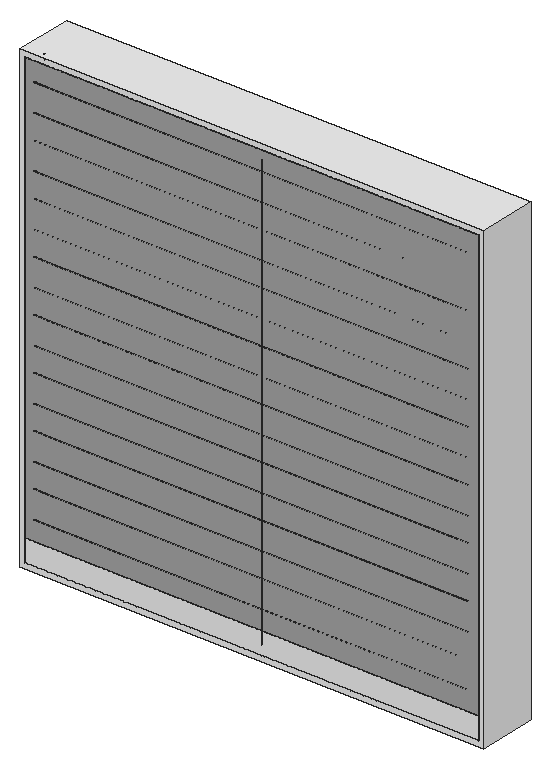
Revit family
Parameters (values of type "Louver_Drnable_ERD-645_All-Lite")
  URL = "http://www.alllite-louvers.com"
  Specifications = "http://www.alllite-louvers.com/catalog/AERD-645-csi-specification.doc"
  Spacing = 0.5 ft
  SmartBIM Object Version = 3  # constant formula
  SmartBIM Object Created By = "Reed Construction Data"  # constant formula
  Shim Thickness = 0.042 ft
  Screen Width = Width - (2 * Shim Thickness)  # 3.916 ft
  Screen Height = Height - (2 * Shim Thickness) - 0.198333 ft  # 3.717667 ft
  Screen = Aluminum
  Rough Width = 0.0 ft
  Rough Height = 0.0 ft
  Product URL = "http://www.alllite-louvers.com/catalog.php?model=ERD-645"
  Pressure Loss (in.wg.) = "0.11"  # constant formula
  OmniClass Title = "Exterior Louvers and Grilles"  # constant formula
  OmniClass Code = "23-60 11 17"  # constant formula
  Mullion Height = Height - (2 * Shim Thickness) - 0.145833 ft  # 3.770167 ft
  Model Number = "ERD-645"  # constant formula
  Model = ""
  Minimum Size = "4.5\" x 9\""
  Maximum Size - Single Section = "60\" x 120\" or 120\" x 60\""
  Maximum Size - Multiple Section = "Unlimited"
  Manufacturer = "All-Lite"  # constant formula
  Louver Width = Width - (2 * Shim Thickness) - 2 * 0.072917 ft  # 3.770167 ft
  Louver = Mill finish, 6063-T5 Extruded Aluminum
  Installation = "http://www.alllite-louvers.com/catalog/Installation.pdf"
  Height = 4.0 ft
  Free Area for 48”x48” Louver = "50.6%"
  Free Area Velocity (fpm) = "990"  # constant formula
  Free Area (ft²) for 48"x48" Louver = 8.1 ft
  Frame = Mill finish, 6063-T5 Extruded Aluminum
  Default Sill Height = 3.0 ft
  Wall Closure = (empty or 0)
  Width = 4.0 ft
  Cut Sheet = "http://www.alllite-louvers.com/catalog/AERD645.pdf "
  Assembly Code = "B2010300"
  Air Volume Delivered (cfm) = "8,059"  # constant formula
  95 CSI = "10200 "  # constant formula
  04 CSI = "08 91 00"  # constant formula
  # of Louvers = (Height - 0.25 ft) / (Spacing)  # 8
Reference planes (ft)
  plane 1 "Center (Front/Back)": y = 0
  plane 2: z = 0.291667
  plane 3 "Center (Left/Right)": x = 0
  plane 4 "Left": x = -2
  plane 5 "Right": x = 2
  plane 6 "Sill": z = 3.291667
  plane 7 "Top": z = 7.291667
  plane 8: x = -1.958
  plane 9: x = 1.958
  plane 10: z = 7.249667
  plane 11: z = 3.333667
  plane 12: z = 5.291667
  plane 13: z = 3.417
  plane 14: z = 3.458667
  plane 15: z = 7.166333
  plane 16: z = 7.124667
  plane 17: z = 7.062167
Forms (ft)
  Sweep 1, solid, material "Mill finish, 6063-T5 Extruded Aluminum" <- "Frame"
    path origin (-5, 0.333333, 0) x (-1, 0, 0) y (0, 0, 1)
      loop
        line (-6.890292, 7.249667) -> (-3.109708, 7.249667)
    profile "Head Horizontal Mullion : Head Horizontal Mullion" origin (0, 0.333333, 7.249667) x (0, 0, 1) y (0, 1, 0)
      loop
        line (-0.083333, -0.00675) -> (-0.142259, -0.065676) -> (-0.137486, -0.070449) -> (-0.080537, -0.0135) -> (-0.00675, -0.0135) -> (-0.00675, -0.071625)
        arc (-0.00675, -0.071625) -> (-0.007739, -0.074011) -> (-0.010125, -0.075) r 0.003375
        line (-0.010125, -0.075) -> (-0.027583, -0.075) -> (-0.027583, -0.08175) -> (-0.307684, -0.08175) -> (-0.307684, -0.0135) -> (-0.231101, -0.0135) -> (-0.231101, -0.00675) -> (-0.314434, -0.00675) -> (-0.314434, -0.0885) -> (-0.206564, -0.0885)
        arc (-0.206564, -0.0885) -> (-0.204178, -0.089489) -> (-0.203189, -0.091875) r 0.003375
        line (-0.203189, -0.091875) -> (-0.203189, -0.104254)
        arc (-0.203189, -0.104254) -> (-0.203748, -0.106115) -> (-0.20524, -0.107359) r 0.003375
        arc (-0.20524, -0.107359) -> (-0.213421, -0.117587) -> (-0.209404, -0.130053) r 0.013833
        arc (-0.209404, -0.130053) -> (-0.205743, -0.130726) -> (-0.203689, -0.127621) r 0.003375
        arc (-0.203689, -0.127621) -> (-0.203959, -0.126299) -> (-0.204725, -0.125188) r 0.003375
        arc (-0.204725, -0.125188) -> (-0.199814, -0.113) -> (-0.194904, -0.125188) r 0.007083
        arc (-0.194904, -0.125188) -> (-0.19567, -0.126299) -> (-0.195939, -0.127621) r 0.003375
        arc (-0.195939, -0.127621) -> (-0.193886, -0.130726) -> (-0.190225, -0.130053) r 0.003375
        arc (-0.190225, -0.130053) -> (-0.186208, -0.117587) -> (-0.194388, -0.107359) r 0.013833
        arc (-0.194388, -0.107359) -> (-0.19588, -0.106115) -> (-0.196439, -0.104254) r 0.003375
        line (-0.196439, -0.104254) -> (-0.196439, -0.091875)
        arc (-0.196439, -0.091875) -> (-0.195451, -0.089489) -> (-0.193064, -0.0885) r 0.003375
        line (-0.193064, -0.0885) -> (-0.06925, -0.0885) -> (-0.06925, -0.09525) -> (-0.046442, -0.09525)
        arc (-0.046442, -0.09525) -> (-0.044055, -0.096239) -> (-0.043067, -0.098625) r 0.003375
        line (-0.043067, -0.098625) -> (-0.043067, -0.104254)
        arc (-0.043067, -0.104254) -> (-0.043626, -0.106115) -> (-0.045118, -0.107359) r 0.003375
        arc (-0.045118, -0.107359) -> (-0.053298, -0.117587) -> (-0.049281, -0.130053) r 0.013833
        arc (-0.049281, -0.130053) -> (-0.04562, -0.130726) -> (-0.043567, -0.127621) r 0.003375
        arc (-0.043567, -0.127621) -> (-0.043836, -0.126299) -> (-0.044602, -0.125188) r 0.003375
        arc (-0.044602, -0.125188) -> (-0.039692, -0.113) -> (-0.034781, -0.125188) r 0.007083
        arc (-0.034781, -0.125188) -> (-0.035547, -0.126299) -> (-0.035817, -0.127621) r 0.003375
        arc (-0.035817, -0.127621) -> (-0.033763, -0.130726) -> (-0.030102, -0.130053) r 0.003375
        arc (-0.030102, -0.130053) -> (-0.026085, -0.117587) -> (-0.034266, -0.107359) r 0.013833
        arc (-0.034266, -0.107359) -> (-0.035758, -0.106115) -> (-0.036317, -0.104254) r 0.003375
        line (-0.036317, -0.104254) -> (-0.036317, -0.098625)
        arc (-0.036317, -0.098625) -> (-0.035328, -0.096239) -> (-0.032942, -0.09525) r 0.003375
        line (-0.032942, -0.09525) -> (-0.00675, -0.09525) -> (-0.00675, -0.384167)
        arc (-0.00675, -0.384167) -> (-0.007739, -0.386553) -> (-0.010125, -0.387542) r 0.003375
        line (-0.010125, -0.387542) -> (-0.023858, -0.387542)
        arc (-0.023858, -0.387542) -> (-0.025719, -0.386983) -> (-0.026963, -0.385491) r 0.003375
        arc (-0.026963, -0.385491) -> (-0.037191, -0.37731) -> (-0.049657, -0.381327) r 0.013833
        arc (-0.049657, -0.381327) -> (-0.05033, -0.384988) -> (-0.047225, -0.387042) r 0.003375
        arc (-0.047225, -0.387042) -> (-0.045903, -0.386772) -> (-0.044793, -0.386006) r 0.003375
        arc (-0.044793, -0.386006) -> (-0.032604, -0.390917) -> (-0.044793, -0.395827) r 0.007083
        arc (-0.044793, -0.395827) -> (-0.045903, -0.395061) -> (-0.047225, -0.394792) r 0.003375
        arc (-0.047225, -0.394792) -> (-0.05033, -0.396845) -> (-0.049657, -0.400506) r 0.003375
        arc (-0.049657, -0.400506) -> (-0.037191, -0.404523) -> (-0.026963, -0.396343) r 0.013833
        arc (-0.026963, -0.396343) -> (-0.025719, -0.394851) -> (-0.023858, -0.394292) r 0.003375
        line (-0.023858, -0.394292) -> (-0.010125, -0.394292)
        arc (-0.010125, -0.394292) -> (-0.007739, -0.39528) -> (-0.00675, -0.397667) r 0.003375
        line (-0.00675, -0.397667) -> (-0.00675, -0.49325) -> (-0.0625, -0.49325) -> (-0.0625, -0.5) -> (0, -0.5) -> (0, -0.00675) -> (-0.083333, -0.00675)
  Sweep 2, solid, material "Mill finish, 6063-T5 Extruded Aluminum" <- "Frame"
    path origin (-5, 0.333333, 0) x (-1, 0, 0) y (0, 0, 1)
      loop
        line (-6.958, 3.333667) -> (-3.042, 3.333667)
    profile "Horizontal Mullion : Horizontal Mullion" origin (0, 0.333333, 3.333667) x (0, 0, 1) y (0, 1, 0)
      loop
        line (0.076583, -0.00675) -> (0.076583, -0.5) -> (0.00675, -0.5) -> (0.00675, -0.465083) -> (0, -0.465083) -> (0, -0.50675) -> (0.197917, -0.50675) -> (0.197917, -0.5) -> (0.083333, -0.5) -> (0.083333, 0) -> (0, 0) -> (0, -0.041667) -> (0.00675, -0.041667) -> (0.00675, -0.00675) -> (0.076583, -0.00675)
  Sweep 3, solid, material "Mill finish, 6063-T5 Extruded Aluminum" <- "Frame"
    path origin (-5, 0.333333, 0) x (-1, 0, 0) y (0, 0, 1)
      loop
        line (-6.958, 3.417) -> (-6.958, 7.249667)
    profile "Vertical Mullion : Vertical Mullion" origin (1.958, 0.333333, 5.333333) x (1, 0, 0) y (0, 1, 0)
      loop
        line (-0.067708, -0.08175) -> (-0.067708, -0.5) -> (0, -0.5) -> (0, -0.472417) -> (-0.00675, -0.472417) -> (-0.00675, -0.49325) -> (-0.060958, -0.49325) -> (-0.060958, -0.0885) -> (0, -0.0885) -> (0, 0) -> (-0.083333, 0) -> (-0.083333, -0.00675) -> (-0.067708, -0.00675) -> (-0.067708, -0.022375) -> (-0.060958, -0.022375) -> (-0.060958, -0.00675) -> (-0.00675, -0.00675) -> (-0.00675, -0.08175) -> (-0.067708, -0.08175)
  Sweep 4, solid, material "Mill finish, 6063-T5 Extruded Aluminum" <- "Frame"
    path origin (5, 0.333333, 0) x (1, 0, 0) y (0, 0, -1)
      loop
        line (-6.958, -3.417) -> (-6.958, -7.249667)
    profile "Vertical Mullion : Vertical Mullion" origin (-1.958, 0.333333, 5.333333) x (1, 0, 0) y (0, 1, 0)
      loop
        line (0.067708, -0.08175) -> (0.00675, -0.08175) -> (0.00675, -0.00675) -> (0.060958, -0.00675) -> (0.060958, -0.022375) -> (0.067708, -0.022375) -> (0.067708, -0.00675) -> (0.083333, -0.00675) -> (0.083333, 0) -> (0, 0) -> (0, -0.0885) -> (0.060958, -0.0885) -> (0.060958, -0.49325) -> (0.00675, -0.49325) -> (0.00675, -0.472417) -> (0, -0.472417) -> (0, -0.5) -> (0.067708, -0.5) -> (0.067708, -0.08175)
  Sweep 5, solid, material "Mill finish, 6063-T5 Extruded Aluminum" <- "Frame"
    path origin (-5, 0.333333, 0) x (-1, 0, 0) y (0, 0, 1)
      loop
        line (-3, 7.291667) -> (-7, 7.291667) -> (-7, 3.291667) -> (-3, 3.291667) -> (-3, 7.291667)
    profile origin (-2, 0.333333, 5.291667) x (0, 1, 0) y (-1, 0, 0)
      loop
        line (0, 0) -> (-0.50675, 0) -> (-0.50675, -0.042) -> (0, -0.042) -> (0, 0)
  Extrusion 6, solid, material "Aluminum" <- "Screen"
    sketch origin (1.458333, 0, 3.416667) x (0, 0, 1) y (-1, 0, 0)
      loop
        line (0.114917, -0.499667) -> (3.833, -0.499667) -> (3.833, 3.416333) -> (0.114917, 3.416333) -> (0.114917, -0.499667)
    from 0.166667 to 0.173417
Cuts and joins
  joined: Sweep 3, Sweep 4
Lines and regions (ft)
  Opening 1
    outline origin (-5, -0.333333, 0) x (1, 0, 0) y (0, 0, 1)
      loop
        line (3, 7.291667) -> (3, 3.291667) -> (7, 3.291667) -> (7, 7.291667) -> (3, 7.291667)
  Masking region 1, detail levels coarse+medium
    outline origin (0, 0, 0) x (1, 0, 0) y (0, 1, 0)
      loop
        line (-2, -0.173417) -> (-1.890292, -0.173417) -> (-1.890292, 0.333333) -> (-2, 0.333333) -> (-2, -0.173417)
      loop
        line (2, -0.173417) -> (2, 0.333333) -> (1.890292, 0.333333) -> (1.890292, -0.173417) -> (2, -0.173417)
  Masking region 2, detail levels fine
    outline origin (0, 0, 0) x (1, 0, 0) y (0, 1, 0)
      loop
        line (1.95125, -0.159917) -> (1.897042, -0.159917) -> (1.897042, 0.244833) -> (1.958, 0.244833) -> (1.958, 0.333333) -> (1.874667, 0.333333) -> (1.874667, 0.326583) -> (1.890292, 0.326583) -> (1.890292, 0.310958) -> (1.897042, 0.310958) -> (1.897042, 0.326583) -> (1.95125, 0.326583) -> (1.95125, 0.251583) -> (1.890292, 0.251583) -> (1.890292, -0.166667) -> (1.958, -0.166667) -> (1.958, -0.139083) -> (1.95125, -0.139083) -> (1.95125, -0.159917)
      loop
        line (-1.897042, -0.159917) -> (-1.95125, -0.159917) -> (-1.95125, -0.139083) -> (-1.958, -0.139083) -> (-1.958, -0.166667) -> (-1.890292, -0.166667) -> (-1.890292, 0.251583) -> (-1.95125, 0.251583) -> (-1.95125, 0.326583) -> (-1.897042, 0.326583) -> (-1.897042, 0.310958) -> (-1.890292, 0.310958) -> (-1.890292, 0.326583) -> (-1.874667, 0.326583) -> (-1.874667, 0.333333) -> (-1.958, 0.333333) -> (-1.958, 0.244833) -> (-1.897042, 0.244833) -> (-1.897042, -0.159917)
Text (ft)
  text "EXTERIOR" at (-4.890733, 4.242245, 0), in view "Ref. Level"
  text "INTERIOR" at (-4.890733, -3.147199, 0), in view "Ref. Level"
  text "Exterior" at (0, 3.638026, 10.266337), in view "Left"
  text "Exterior" at (0, 1.524487, 10.420622), in view "Right"
Dimensions and locks (ft)
  equal spacing: plane 4 "Left", plane 3 "Center (Left/Right)", plane 5 "Right"
  "Width": plane 4 "Left" to plane 5 "Right"
  "Height": plane 6 "Sill" to plane 7 "Top"
  "Default Sill Height": plane 2 to plane 6 "Sill"
  "Shim Thickness": plane 4 "Left" to plane 8
  "Shim Thickness": plane 9 to plane 5 "Right"
  "Shim Thickness": plane 10 to plane 7 "Top"
  "Shim Thickness": plane 6 "Sill" to plane 11
  equal spacing: plane 11, plane 12, plane 10
  locked: plane 13 to plane 11 at 0.083333
  locked: plane 14 to plane 13 at 0.041667
  locked: plane 10 to plane 15 at 0.083333
  locked: plane 15 to plane 16 at 0.041667
  locked: plane 10 to plane 17 at 0.1875
  equal spacing: group 1, group 3, group 4, group 5, group 6, group 7, group 8, group 2  (x3)
  aligned and locked: plane 7 "Top" to Opening 1 sketch curve
  aligned and locked: plane 6 "Sill" to Opening 1 sketch curve  (x2)
  aligned and locked: plane 5 "Right" to Opening 1 sketch curve
  aligned and locked: plane 4 "Left" to Opening 1 sketch curve
  aligned and locked: plane 10 to Sweep 1 sketch curve
  aligned and locked: Sweep 2 sketch curve to plane 11
  aligned and locked: plane 8 to Sweep 2 sketch curve
  aligned and locked: plane 9 to Sweep 3 sketch curve
  aligned and locked: Sweep 4 sketch curve to plane 8
  aligned and locked: Sweep 5 sketch curve to plane 4 "Left"
  aligned and locked: Sweep 5 sketch curve to plane 7 "Top"
  aligned and locked: Sweep 5 sketch curve to plane 6 "Sill"
  aligned and locked: Sweep 5 sketch curve to plane 5 "Right"
  aligned and locked: Sweep 5 sketch curve to host wall  (x2)
  aligned and locked: plane 8 to Sweep 5 sketch curve
  aligned and locked: plane 3 "Center (Left/Right)" to nested 1
  aligned and locked: plane 10 to Sweep 4 sketch curve
  aligned and locked: profile plane to host wall
  aligned and locked: Sweep 4 sketch curve to Sweep 2
  aligned and locked: Sweep 5 sketch curve to Sweep 2
  aligned and locked: plane 3 "Center (Left/Right)" to nested 2
  aligned and locked: Sweep 2 to Extrusion 6 sketch curve
  aligned and locked: Extrusion 6 sketch curve to Sweep 1
  aligned and locked: Extrusion 6 to Sweep 2
  aligned and locked: Sweep 5 to Extrusion 6
  aligned and locked: plane 14 to nested 1
  aligned and locked: cut or joined group of Sweep 3, Sweep 4 to Sweep 1 sketch curve
  aligned and locked: Sweep 1 sketch curve to cut or joined group of Sweep 3, Sweep 4
  aligned and locked: cut or joined group of Sweep 3, Sweep 4 to Extrusion 6 sketch curve
  aligned and locked: Extrusion 6 sketch curve to cut or joined group of Sweep 3, Sweep 4
  aligned and locked: nested 1 to cut or joined group of Sweep 3, Sweep 4
  aligned and locked: nested 2 to cut or joined group of Sweep 3, Sweep 4
  aligned and locked: nested 2 to plane 16
  aligned and locked: plane 3 "Center (Left/Right)" to nested 9
  aligned and locked: plane 13 to nested 9
  aligned and locked: nested 9 to nested 3
  aligned and locked: Masking region 1 sketch curve to plane 4 "Left"
  aligned and locked: Masking region 1 sketch curve to Extrusion 6
  aligned and locked: Masking region 1 sketch curve to cut or joined group of Sweep 3, Sweep 4  (x2)
  aligned and locked: Sweep 2 to Masking region 1 sketch curve
  aligned and locked: Masking region 1 sketch curve to plane 5 "Right"
  aligned and locked: Extrusion 6 to Masking region 1 sketch curve
  aligned and locked: Masking region 1 sketch curve to Sweep 2
  aligned and locked: Masking region 2 sketch curve to cut or joined group of Sweep 3, Sweep 4  (x28)
  aligned and locked: Masking region 2 sketch curve to Extrusion 6
  aligned and locked: Sweep 5 to Masking region 2 sketch curve
  aligned and locked: Masking region 2 sketch curve to Sweep 2
  aligned and locked: plane 9 to Masking region 2 sketch curve
  aligned and locked: Masking region 2 sketch curve to plane 8  (x2)
Automatic sketch dimensions
  Sweep 2 sketch curve to plane 9 = 0.0 ft
  Sweep 3 sketch curve to plane 13 = 0.0 ft
  Sweep 3 sketch curve to plane 10 = 0.0 ft
  Masking region 2 sketch curve to Masking region 2 sketch curve = 0.00675 ft
  Masking region 2 sketch curve to host wall = 0.0 ft
Nested families (ft)
  nested 1: "Louver Single" at (0, 0.166271, 3.458667), type "Louver"
    with Louver Length 3.770167 ft
  nested 2: "Louver Single" at (0, 0.166271, 6.604225), type "Louver"
    with Louver Length 3.770167 ft
  nested 3: "Louver Single" at (0, 0.166271, 3.908032), type "Louver"
    with Louver Length 3.770167 ft
  nested 4: "Louver Single" at (0, 0.166271, 4.357397), type "Louver"
    with Louver Length 3.770167 ft
  nested 5: "Louver Single" at (0, 0.166271, 4.806763), type "Louver"
    with Louver Length 3.770167 ft
  nested 6: "Louver Single" at (0, 0.166271, 5.256128), type "Louver"
    with Louver Length 3.770167 ft
  nested 7: "Louver Single" at (0, 0.166271, 5.705494), type "Louver"
    with Louver Length 3.770167 ft
  nested 8: "Louver Single" at (0, 0.166271, 6.154859), type "Louver"
    with Louver Length 3.770167 ft
  nested 9: "Vertical-Mullion" at (0, -0.079979, 3.417), type "Louver"
    with Height 3.770167 ft
Connectors (ft)
  hvac at (0, -0.173417, 5.390625), driven by "Screen Height", driven by "Screen Width"
    settings: on Extrusion 6, index 1
Definition of nested family "Louver Single"
  Parameters (values of type "Louver")
    Louver Length = 2.0 ft
    Depth = 0.156576 ft
    Louver Single = yes
    Louver = All-Lite - El Cajon Silver
    Assembly Code = ""
  Reference planes (ft)
    plane 1 "Center (Front/Back)": y = -0.085938
    plane 2: z = 0
    plane 3 "Center (Left/Right)": x = 0
    plane 4: x = -1
    plane 5: x = 1
    plane 6: y = 0.160312
    plane 7: y = -0.332188
    plane 8: z = 0.520442
  Forms (ft)
    Extrusion 1, solid, material "All-Lite - El Cajon Silver" <- "Louver"
      sketch origin (0, 0.084228, 0) x (0, 1, 0) y (0, 0, 1)
        loop
          line (0.075096, 0.084443) -> (-0.043375, 0.202913) -> (-0.089832, 0.249371)
          arc (-0.089832, 0.249371) -> (-0.092738, 0.249949) -> (-0.094384, 0.247485) r 0.002667
          line (-0.094384, 0.247485) -> (-0.094384, 0.235235)
          arc (-0.094384, 0.235235) -> (-0.097574, 0.230462) -> (-0.103204, 0.231582) r 0.005167
          line (-0.103204, 0.231582) -> (-0.209665, 0.338043)
          arc (-0.209665, 0.338043) -> (-0.212571, 0.338621) -> (-0.214218, 0.336157) r 0.002667
          line (-0.214218, 0.336157) -> (-0.214218, 0.332121)
          arc (-0.214218, 0.332121) -> (-0.215684, 0.32974) -> (-0.21847, 0.329978) r 0.002667
          line (-0.21847, 0.329978) -> (-0.362746, 0.436736) -> (-0.404631, 0.467729)
          arc (-0.404631, 0.467729) -> (-0.405637, 0.468923) -> (-0.405999, 0.470442) r 0.003375
          line (-0.405999, 0.470442) -> (-0.405999, 0.515234)
          arc (-0.405999, 0.515234) -> (-0.411207, 0.520442) -> (-0.416415, 0.515234) r 0.005208
          line (-0.416415, 0.515234) -> (-0.416415, 0.469753)
          arc (-0.416415, 0.469753) -> (-0.416054, 0.468234) -> (-0.415048, 0.46704) r 0.003375
          line (-0.415048, 0.46704) -> (-0.366761, 0.431309) -> (-0.333449, 0.40666)
          arc (-0.333449, 0.40666) -> (-0.340638, 0.399011) -> (-0.340387, 0.388516) r 0.013833
          line (-0.340387, 0.388516) -> (-0.334205, 0.391226)
          arc (-0.334205, 0.391226) -> (-0.323843, 0.399999) -> (-0.327718, 0.386986) r 0.007083
          line (-0.327718, 0.386986) -> (-0.327718, 0.380236)
          arc (-0.327718, 0.380236) -> (-0.318594, 0.383671) -> (-0.314002, 0.39227) r 0.013833
          line (-0.314002, 0.39227) -> (-0.214897, 0.318936)
          arc (-0.214897, 0.318936) -> (-0.213613, 0.316968) -> (-0.213925, 0.314639) r 0.003375
          arc (-0.213925, 0.314639) -> (-0.215533, 0.308705) -> (-0.21441, 0.30266) r 0.013833
          line (-0.21441, 0.30266) -> (-0.208243, 0.305363)
          arc (-0.208243, 0.305363) -> (-0.197881, 0.314136) -> (-0.201756, 0.301123) r 0.007083
          line (-0.201756, 0.301123) -> (-0.201756, 0.294373)
          arc (-0.201756, 0.294373) -> (-0.194325, 0.296538) -> (-0.189221, 0.302356) r 0.013833
          arc (-0.189221, 0.302356) -> (-0.186748, 0.304252) -> (-0.183776, 0.303315) r 0.003375
          line (-0.183776, 0.303315) -> (-0.107977, 0.227516)
          arc (-0.107977, 0.227516) -> (-0.097064, 0.224288) -> (-0.088419, 0.23169) r 0.011917
          arc (-0.088419, 0.23169) -> (-0.08597, 0.233786) -> (-0.082879, 0.232872) r 0.003375
          line (-0.082879, 0.232872) -> (-0.037845, 0.187838)
          arc (-0.037845, 0.187838) -> (-0.048989, 0.181334) -> (-0.049918, 0.168464) r 0.013833
          line (-0.049918, 0.168464) -> (-0.043736, 0.171174)
          arc (-0.043736, 0.171174) -> (-0.033374, 0.179947) -> (-0.037249, 0.166934) r 0.007083
          line (-0.037249, 0.166934) -> (-0.037249, 0.160184)
          arc (-0.037249, 0.160184) -> (-0.02768, 0.164027) -> (-0.023428, 0.173421) r 0.013833
          line (-0.023428, 0.173421) -> (0.068346, 0.081647)
          arc (0.068346, 0.081647) -> (0.069078, 0.080552) -> (0.069335, 0.07926) r 0.003375
          line (0.069335, 0.07926) -> (0.069335, 0.003496)
          arc (0.069335, 0.003496) -> (0.07271, 0.000121) -> (0.076085, 0.003496) r 0.003375
          line (0.076085, 0.003496) -> (0.076085, 0.082056)
          arc (0.076085, 0.082056) -> (0.075828, 0.083348) -> (0.075096, 0.084443) r 0.003375
      from -1 to 1
    Extrusion 2, solid, material "All-Lite - El Cajon Silver" <- "Louver"
      sketch origin (-1, 0.084228, 0) x (0, -1, 0) y (0, 0, 1)
        loop
          line (0.345473, 0.373329) -> (0.333647, 0.391616)
          arc (0.333647, 0.391616) -> (0.32397, 0.399278) -> (0.328161, 0.387668) r 0.006417
          line (0.328161, 0.387668) -> (0.340295, 0.368906) -> (0.407375, 0.292289)
          arc (0.407375, 0.292289) -> (0.409066, 0.290002) -> (0.409665, 0.287221) r 0.00675
          line (0.409665, 0.287221) -> (0.409665, 0.236317)
          arc (0.409665, 0.236317) -> (0.408862, 0.234117) -> (0.406831, 0.232951) r 0.003417
          line (0.406831, 0.232951) -> (0.059306, 0.153205)
          arc (0.059306, 0.153205) -> (0.057458, 0.153398) -> (0.055984, 0.154529) r 0.003417
          line (0.055984, 0.154529) -> (0.043216, 0.171659)
          arc (0.043216, 0.171659) -> (0.033414, 0.179162) -> (0.037804, 0.167625) r 0.006417
          line (0.037804, 0.167625) -> (0.051827, 0.148813)
          arc (0.051827, 0.148813) -> (0.054738, 0.146577) -> (0.058389, 0.146196) r 0.00675
          line (0.058389, 0.146196) -> (0.410816, 0.22679)
          arc (0.410816, 0.22679) -> (0.414829, 0.229094) -> (0.416415, 0.233441) r 0.00675
          line (0.416415, 0.233441) -> (0.416415, 0.290273)
          arc (0.416415, 0.290273) -> (0.415816, 0.293053) -> (0.414125, 0.29534) r 0.00675
          line (0.414125, 0.29534) -> (0.345473, 0.373329)
      from -2 to 0
  Dimensions and locks (ft)
    equal spacing: plane 4, plane 3 "Center (Left/Right)", plane 5
    "Louver Length": plane 4 to plane 5
    aligned and locked: Extrusion 1 to plane 4
    aligned and locked: plane 5 to Extrusion 1
    aligned and locked: plane 5 to Extrusion 2
    aligned and locked: Extrusion 2 to plane 4
  Automatic sketch dimensions
    Extrusion 1 sketch curve to Extrusion 1 sketch curve = 0.0 ft  (x18)
    plane 7 to Extrusion 1 sketch curve = 0.0 ft
    Extrusion 1 sketch curve to plane 7 = 0.001367 ft
    Extrusion 1 sketch curve to plane 7 = 0.003375 ft
    Extrusion 1 sketch curve to plane 7 = 0.005208 ft
    Extrusion 1 sketch curve to Extrusion 1 sketch curve = 0.001367 ft
    Extrusion 1 sketch curve to Extrusion 1 sketch curve = 0.003375 ft  (x2)
    Extrusion 1 sketch curve to plane 7 = 0.049655 ft
    Extrusion 1 sketch curve to Extrusion 1 sketch curve = 0.004015 ft
    Extrusion 1 sketch curve to Extrusion 1 sketch curve = 0.026373 ft
    Extrusion 1 sketch curve to Extrusion 1 sketch curve = 0.006182 ft  (x2)
    Extrusion 1 sketch curve to Extrusion 1 sketch curve = 0.000756 ft
    Extrusion 1 sketch curve to Extrusion 1 sketch curve = 0.006487 ft  (x2)
    Extrusion 1 sketch curve to Extrusion 1 sketch curve = 0.013716 ft
    plane 1 "Center (Front/Back)" to Extrusion 1 sketch curve = 0.048305 ft
    Extrusion 1 sketch curve to Extrusion 1 sketch curve = 0.001566 ft
    Extrusion 1 sketch curve to Extrusion 1 sketch curve = 0.001586 ft
    Extrusion 1 sketch curve to Extrusion 1 sketch curve = 0.002008 ft
    Extrusion 1 sketch curve to Extrusion 1 sketch curve = 0.002495 ft
    Extrusion 1 sketch curve to Extrusion 1 sketch curve = 0.002667 ft  (x3)
    Extrusion 1 sketch curve to Extrusion 1 sketch curve = 0.00298 ft
    Extrusion 1 sketch curve to Extrusion 1 sketch curve = 0.001886 ft  (x2)
    Extrusion 1 sketch curve to Extrusion 1 sketch curve = 0.006167 ft
    Extrusion 1 sketch curve to Extrusion 1 sketch curve = 0.000045 ft
    Extrusion 1 sketch curve to Extrusion 1 sketch curve = 0.003058 ft
    Extrusion 1 sketch curve to Extrusion 1 sketch curve = 0.002386 ft  (x3)
    Extrusion 1 sketch curve to plane 1 "Center (Front/Back)" = 0.062188 ft
    Extrusion 1 sketch curve to Extrusion 1 sketch curve = 0.004773 ft
    Extrusion 1 sketch curve to Extrusion 1 sketch curve = 0.003653 ft
    Extrusion 1 sketch curve to Extrusion 1 sketch curve = 0.005167 ft
    Extrusion 1 sketch curve to Extrusion 1 sketch curve = 0.003153 ft
    Extrusion 1 sketch curve to Extrusion 1 sketch curve = 0.035348 ft
    Extrusion 1 sketch curve to Extrusion 1 sketch curve = 0.000361 ft
    Extrusion 1 sketch curve to Extrusion 1 sketch curve = 0.00553 ft
    Extrusion 1 sketch curve to Extrusion 1 sketch curve = 0.01382 ft  (x2)
    Extrusion 1 sketch curve to Extrusion 1 sketch curve = 0.000989 ft
    Extrusion 1 sketch curve to plane 6 = 0.003375 ft
    Extrusion 1 sketch curve to plane 6 = 0.000989 ft
    Extrusion 1 sketch curve to plane 6 = 0.0 ft
    Extrusion 1 sketch curve to Extrusion 1 sketch curve = 0.000689 ft
    Extrusion 1 sketch curve to Extrusion 1 sketch curve = 0.030994 ft
    Extrusion 1 sketch curve to Extrusion 1 sketch curve = 0.005426 ft
    Extrusion 1 sketch curve to Extrusion 1 sketch curve = 0.02465 ft
    Extrusion 1 sketch curve to Extrusion 1 sketch curve = 0.01259 ft
    Extrusion 1 sketch curve to Extrusion 1 sketch curve = 0.0018 ft
    Extrusion 1 sketch curve to Extrusion 1 sketch curve = 0.00271 ft  (x2)
    Extrusion 1 sketch curve to Extrusion 1 sketch curve = 0.054227 ft
    Extrusion 1 sketch curve to Extrusion 1 sketch curve = 0.004036 ft
    Extrusion 1 sketch curve to Extrusion 1 sketch curve = 0.011041 ft
    Extrusion 1 sketch curve to Extrusion 1 sketch curve = 0.002713 ft
    Extrusion 1 sketch curve to Extrusion 1 sketch curve = 0.006432 ft
    Extrusion 1 sketch curve to Extrusion 1 sketch curve = 0.000062 ft
    Extrusion 1 sketch curve to Extrusion 1 sketch curve = 0.002703 ft
    Extrusion 1 sketch curve to Extrusion 1 sketch curve = 0.002191 ft
    Extrusion 1 sketch curve to Extrusion 1 sketch curve = 0.000959 ft
    Extrusion 1 sketch curve to Extrusion 1 sketch curve = 0.053944 ft
    Extrusion 1 sketch curve to Extrusion 1 sketch curve = 0.011543 ft
    Extrusion 1 sketch curve to Extrusion 1 sketch curve = 0.000707 ft
    Extrusion 1 sketch curve to Extrusion 1 sketch curve = 0.002363 ft
    Extrusion 1 sketch curve to Extrusion 1 sketch curve = 0.001182 ft
    Extrusion 1 sketch curve to Extrusion 1 sketch curve = 0.029959 ft
    Extrusion 1 sketch curve to Extrusion 1 sketch curve = 0.015076 ft
    Extrusion 1 sketch curve to Extrusion 1 sketch curve = 0.000596 ft
    level to Extrusion 1 sketch curve = 0.084443 ft
    Extrusion 1 sketch curve to Extrusion 1 sketch curve = 0.000409 ft
    level to Extrusion 1 sketch curve = 0.003496 ft
    Extrusion 2 sketch curve to Extrusion 1 = 0.0 ft
    Extrusion 1 to Extrusion 2 sketch curve = 0.000556 ft
    Extrusion 1 to Extrusion 2 sketch curve = 0.005967 ft
    Extrusion 1 to Extrusion 2 sketch curve = 0.014578 ft
    Extrusion 2 sketch curve to Extrusion 2 sketch curve = 0.004158 ft
    Extrusion 2 sketch curve to Extrusion 2 sketch curve = 0.001254 ft
    Extrusion 2 sketch curve to Extrusion 2 sketch curve = 0.00115 ft
    Extrusion 2 sketch curve to Extrusion 2 sketch curve = 0.002739 ft
    Extrusion 2 sketch curve to Extrusion 2 sketch curve = 0.002068 ft
    Extrusion 1 to Extrusion 2 sketch curve = 0.012577 ft
    Extrusion 2 sketch curve to Extrusion 2 sketch curve = 0.005178 ft
    Extrusion 1 to Extrusion 2 sketch curve = 0.003083 ft
    Extrusion 2 sketch curve to Extrusion 1 = 0.00025 ft
    Extrusion 2 sketch curve to Extrusion 1 = 0.000832 ft
    Extrusion 2 sketch curve to Extrusion 1 = 0.001376 ft
    Extrusion 2 sketch curve to Extrusion 2 sketch curve = 0.002291 ft
    Extrusion 2 sketch curve to Extrusion 2 sketch curve = 0.0 ft
    Extrusion 2 sketch curve to Extrusion 2 sketch curve = 0.002834 ft
    Extrusion 2 sketch curve to Extrusion 1 = 0.004817 ft
    Extrusion 2 sketch curve to Extrusion 1 = 0.002291 ft
    Extrusion 2 sketch curve to Extrusion 2 sketch curve = 0.015088 ft
    Extrusion 2 sketch curve to Extrusion 2 sketch curve = 0.002042 ft
    Extrusion 2 sketch curve to Extrusion 2 sketch curve = 0.000358 ft
    Extrusion 2 sketch curve to Extrusion 2 sketch curve = 0.004034 ft
    Extrusion 2 sketch curve to Extrusion 2 sketch curve = 0.070219 ft
    Extrusion 2 sketch curve to Extrusion 2 sketch curve = 0.00049 ft
    Extrusion 2 sketch curve to Extrusion 2 sketch curve = 0.050904 ft
    Extrusion 2 sketch curve to Extrusion 2 sketch curve = 0.002016 ft
    Extrusion 2 sketch curve to Extrusion 2 sketch curve = 0.004423 ft
    Extrusion 1 to Extrusion 2 sketch curve = 0.000443 ft
    Extrusion 2 sketch curve to Extrusion 2 sketch curve = 0.018762 ft
    Extrusion 2 sketch curve to Extrusion 2 sketch curve = 0.003947 ft
    Extrusion 1 sketch curve to Extrusion 1 sketch curve = 0.080924 ft
    Extrusion 1 sketch curve to Extrusion 1 sketch curve = 0.044792 ft
    radius of Extrusion 2 sketch curve to Extrusion 1 = 0.000667 ft  (x2)
Definition of nested family "Vertical-Mullion"
  Parameters (values of type "Louver")
    Frame = none
    Height = 0.156576 ft
    Assembly Code = ""
  Reference planes (ft)
    plane 1 "Center (Front/Back)": y = -0.085938
    plane 2: z = 0
    plane 3 "Center (Left/Right)": x = 0
    plane 4: x = -1.885417
    plane 5: x = 1.885417
    plane 6: z = 0.156576
  Forms (ft)
    Sweep 1, solid, material <- "Frame"
      path origin (0, -0.085938, 0) x (1, 0, 0) y (0, 0, 1)
        loop
          line (0, 0) -> (0, 0.156576)
      profile "Vertical-Mull : Vertical-Mull" origin (0, -0.085938, 0.078288) x (-1, 0, 0) y (0, -1, 0)
        loop
          line (-0.017167, -0.326583) -> (-0.083333, -0.326583) -> (-0.083333, -0.333333) -> (0, -0.333333) -> (0, 0) -> (-0.083333, 0) -> (-0.083333, -0.251583) -> (-0.017167, -0.251583) -> (-0.017167, -0.326583)
    Sweep 2, solid, material <- "Frame"
      path origin (0, -0.085938, 0) x (1, 0, 0) y (0, 0, 1)
        loop
          line (0, 0) -> (0, 0.156576)
      profile "Vertical-Mull : Vertical-Mull" origin (0, -0.085938, 0.078288) x (-1, 0, 0) y (0, -1, 0)
        loop
          line (0.017167, -0.326583) -> (0.017167, -0.251583) -> (0.083333, -0.251583) -> (0.083333, 0) -> (0, 0) -> (0, -0.333333) -> (0.083333, -0.333333) -> (0.083333, -0.326583) -> (0.017167, -0.326583)
  Dimensions and locks (ft)
    equal spacing: plane 4, plane 3 "Center (Left/Right)", plane 5
    locked: plane 4 to plane 5 at 3.770833
    "Height": level to plane 6
    aligned and locked: level to Sweep 1
    aligned and locked: level to Sweep 2
    aligned and locked: plane 6 to Sweep 1 sketch curve
    aligned and locked: Sweep 1 sketch curve to plane 3 "Center (Left/Right)"
    aligned and locked: Sweep 2 sketch curve to plane 3 "Center (Left/Right)"
    aligned and locked: level to Sweep 2 sketch curve
    aligned and locked: plane 6 to Sweep 2 sketch curve
  Automatic sketch dimensions
    Sweep 1 sketch curve to level = 0.0 ft
